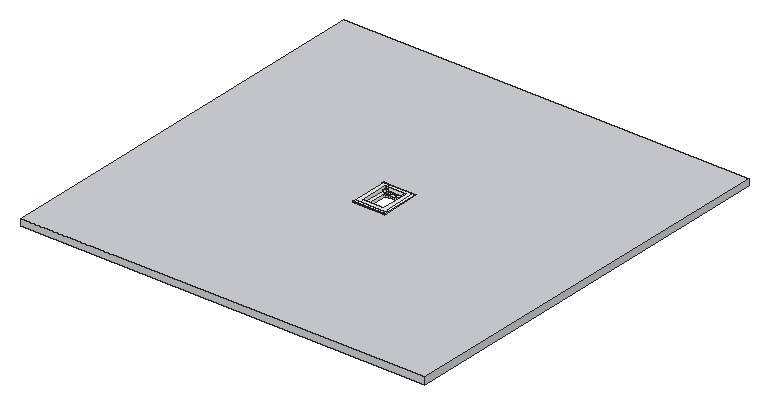
Revit family
Parameters (values of type "818TCAL")
  SmartBIM Object Version = 3  # constant formula
  SmartBIM Object Created By = "Reed Construction Data"  # constant formula
  Model = "818TCAL"  # constant formula
  Box = Aluminum Brushed
  Manufacturer = "Wiremold"  # constant formula
  Description = ""
  Default Elevation = 4' - 0"
  Assembly Code = "D5020100"
  95 CSI = "16130"  # constant formula
  04 CSI = "26 05 33"  # constant formula
Reference planes (in)
  plane 1 "Center (Front/Back)": y = 0
  plane 2: z = 0
  plane 3 "Center (Left/Right)": x = 0
Forms (in)
  Extrusion 1, solid
    sketch origin (0, 0, 0) x (1, 0, 0) y (0, 1, 0)
      loop
        line (-30, 30) -> (-30, -30) -> (30, -30) -> (30, 30) -> (-30, 30)
    from 0 to -1
  Sweep 2, solid, material "Aluminum Brushed" <- "Box"
    path origin (2.06, 0, 0) x (1, 0, 0) y (0, 1, 0)
      loop
        line (-4.435, 2.89) -> (-4.435, -2.89) -> (0.315, -2.89) -> (0.315, 2.89) -> (-4.435, 2.89)
    profile origin (0, 2.89, 0) x (0, 1, 0) y (0, 0, 1)
      loop
        line (0, 0.078) -> (-0.25, 0.203) -> (-0.25, 0) -> (0, 0) -> (0, 0.078)
  Extrusion 3, solid, material "Aluminum Brushed" <- "Box"
    sketch origin (2.06, 0, 0) x (1, 0, 0) y (0, 1, 0)
      loop
        line (-4.185, -2.64) -> (0.061, -2.64) -> (0.061, 2.64) -> (-4.185, 2.64) -> (-4.185, -2.64)
      loop
        arc (-0.459, 2.038) -> (-0.48185, 2.09315) -> (-0.537, 2.116) r 0.078
        line (-0.537, 2.116) -> (-3.587, 2.116)
        arc (-3.587, 2.116) -> (-3.64215, 2.09315) -> (-3.665, 2.038) r 0.078
        line (-3.665, 2.038) -> (-3.665, -2.038)
        arc (-3.665, -2.038) -> (-3.64215, -2.09315) -> (-3.587, -2.116) r 0.078
        line (-3.587, -2.116) -> (-0.537, -2.116)
        arc (-0.537, -2.116) -> (-0.48185, -2.09315) -> (-0.459, -2.038) r 0.078
        line (-0.459, -2.038) -> (-0.459, 2.038)
    from 0 to 0.203
  Extrusion 4, solid, material "Aluminum Brushed" <- "Box"
    sketch origin (2.06, 0, 0) x (1, 0, 0) y (0, 1, 0)
      loop
        arc (-3.665, -2.038) -> (-3.64215, -2.09315) -> (-3.587, -2.116) r 0.078
        line (-3.587, -2.116) -> (-0.537, -2.116)
        arc (-0.537, -2.116) -> (-0.48185, -2.09315) -> (-0.459, -2.038) r 0.078
        line (-0.459, -2.038) -> (-0.459, 2.038)
        arc (-0.459, 2.038) -> (-0.48185, 2.09315) -> (-0.537, 2.116) r 0.078
        line (-0.537, 2.116) -> (-3.587, 2.116)
        arc (-3.587, 2.116) -> (-3.64215, 2.09315) -> (-3.665, 2.038) r 0.078
        line (-3.665, 2.038) -> (-3.665, -2.038)
      loop
        line (-2.4685, -1.966) -> (-1.655, -1.966)
        arc (-1.655, -1.966) -> (-1.61116, -1.94784) -> (-1.593, -1.904) r 0.062
        line (-1.593, -1.904) -> (-1.593, -1.48) -> (-1.562, -1.48) -> (-1.156, -1.48)
        arc (-1.156, -1.48) -> (-1.06761, -1.44339) -> (-1.031, -1.355) r 0.125
        line (-1.031, -1.355) -> (-1.031, 1.355)
        arc (-1.031, 1.355) -> (-1.06761, 1.44339) -> (-1.156, 1.48) r 0.125
        line (-1.156, 1.48) -> (-1.562, 1.48) -> (-1.593, 1.48) -> (-1.593, 1.904)
        arc (-1.593, 1.904) -> (-1.61116, 1.94784) -> (-1.655, 1.966) r 0.062
        line (-1.655, 1.966) -> (-2.4685, 1.966)
        arc (-2.4685, 1.966) -> (-2.51269, 1.94769) -> (-2.531, 1.9035) r 0.0625
        line (-2.531, 1.9035) -> (-2.531, 1.48) -> (-2.562, 1.48) -> (-2.968, 1.48)
        arc (-2.968, 1.48) -> (-3.05639, 1.44339) -> (-3.093, 1.355) r 0.125
        line (-3.093, 1.355) -> (-3.093, -1.355)
        arc (-3.093, -1.355) -> (-3.05639, -1.44339) -> (-2.968, -1.48) r 0.125
        line (-2.968, -1.48) -> (-2.562, -1.48) -> (-2.531, -1.48) -> (-2.531, -1.9035)
        arc (-2.531, -1.9035) -> (-2.51269, -1.94769) -> (-2.4685, -1.966) r 0.0625
      loop
        arc (-3.01245, 1.91315) -> (-2.74067, 1.64164) -> (-2.77858, 2.02392) r 0.204
        arc (-2.77858, 2.02392) -> (-2.828, 2.03) -> (-2.87742, 2.02392) r 0.204
        arc (-2.87742, 2.02392) -> (-2.95739, 1.98372) -> (-3.01245, 1.91315) r 0.204
      loop
        circle (-2.828, -1.826) r 0.204
    from -0.672 to -0.27953
  Extrusion 5, solid, material "Aluminum Brushed" <- "Box"
    sketch origin (2.06, 0, 0) x (1, 0, 0) y (0, 1, 0)
      loop
        arc (-3.665, -2.038) -> (-3.64215, -2.09315) -> (-3.587, -2.116) r 0.078
        line (-3.587, -2.116) -> (-0.537, -2.116)
        arc (-0.537, -2.116) -> (-0.48185, -2.09315) -> (-0.459, -2.038) r 0.078
        line (-0.459, -2.038) -> (-0.459, 2.038)
        arc (-0.459, 2.038) -> (-0.48185, 2.09315) -> (-0.537, 2.116) r 0.078
        line (-0.537, 2.116) -> (-3.587, 2.116)
        arc (-3.587, 2.116) -> (-3.64215, 2.09315) -> (-3.665, 2.038) r 0.078
        line (-3.665, 2.038) -> (-3.665, -2.038)
      loop
        arc (-3.79, -2.038) -> (-3.73054, -2.18154) -> (-3.587, -2.241) r 0.203
        line (-3.587, -2.241) -> (-0.537, -2.241)
        arc (-0.537, -2.241) -> (-0.39346, -2.18154) -> (-0.334, -2.038) r 0.203
        line (-0.334, -2.038) -> (-0.334, 2.038)
        arc (-0.334, 2.038) -> (-0.39346, 2.18154) -> (-0.537, 2.241) r 0.203
        line (-0.537, 2.241) -> (-3.587, 2.241)
        arc (-3.587, 2.241) -> (-3.73054, 2.18154) -> (-3.79, 2.038) r 0.203
        line (-3.79, 2.038) -> (-3.79, -2.038)
    from -0.672 to 0
  Extrusion 6, solid, material "Aluminum Brushed" <- "Box"
    sketch origin (2.06, 0, 0) x (1, 0, 0) y (0, 1, 0)
      loop
        arc (-2.67962, 1.966) -> (-2.72495, 2.00206) -> (-2.77858, 2.02392) r 0.204
        arc (-2.77858, 2.02392) -> (-2.828, 2.03) -> (-2.87742, 2.02392) r 0.204
        arc (-2.87742, 2.02392) -> (-3.03048, 1.8011) -> (-2.828, 1.622) r 0.204
        line (-2.828, 1.622) -> (-2.562, 1.622)
        arc (-2.562, 1.622) -> (-2.54008, 1.61292) -> (-2.531, 1.591) r 0.031
        line (-2.531, 1.591) -> (-2.531, 1.48) -> (-2.5, 1.48) -> (-1.624, 1.48) -> (-1.593, 1.48) -> (-1.593, 1.904)
        arc (-1.593, 1.904) -> (-1.61116, 1.94784) -> (-1.655, 1.966) r 0.062
        line (-1.655, 1.966) -> (-2.67962, 1.966)
      loop
        line (-2.67962, -1.966) -> (-1.655, -1.966)
        arc (-1.655, -1.966) -> (-1.61116, -1.94784) -> (-1.593, -1.904) r 0.062
        line (-1.593, -1.904) -> (-1.593, -1.48) -> (-1.624, -1.48) -> (-2.5, -1.48) -> (-2.531, -1.48) -> (-2.531, -1.591)
        arc (-2.531, -1.591) -> (-2.54008, -1.61292) -> (-2.562, -1.622) r 0.031
        line (-2.562, -1.622) -> (-2.828, -1.622)
        arc (-2.828, -1.622) -> (-3.03048, -1.8011) -> (-2.87742, -2.02392) r 0.204
        arc (-2.87742, -2.02392) -> (-2.828, -2.03) -> (-2.77858, -2.02392) r 0.204
        arc (-2.77858, -2.02392) -> (-2.72495, -2.00206) -> (-2.67962, -1.966) r 0.204
    from -0.672 to -0.41705
  Extrusion 7, solid, material "Aluminum Brushed" <- "Box"
    sketch origin (0, 0, 0) x (1, 0, 0) y (0, 1, 0)
      loop
        arc (-1.605, 1.607) -> (-1.59592, 1.62892) -> (-1.574, 1.638) r 0.031
        line (-1.574, 1.638) -> (-1.347, 1.638)
        arc (-1.347, 1.638) -> (-1.21406, 1.69306) -> (-1.159, 1.826) r 0.188
        line (-1.159, 1.826) -> (-1.159, 2.085)
        arc (-1.159, 2.085) -> (-1.14992, 2.10692) -> (-1.128, 2.116) r 0.031
        line (-1.128, 2.116) -> (-1.527, 2.116)
        arc (-1.527, 2.116) -> (-1.58215, 2.09315) -> (-1.605, 2.038) r 0.078
        line (-1.605, 2.038) -> (-1.605, 1.607)
      loop
        line (1.601, 1.607) -> (1.601, 2.038)
        arc (1.601, 2.038) -> (1.57815, 2.09315) -> (1.523, 2.116) r 0.078
        line (1.523, 2.116) -> (1.124, 2.116)
        arc (1.124, 2.116) -> (1.14592, 2.10692) -> (1.155, 2.085) r 0.031
        line (1.155, 2.085) -> (1.155, 1.826)
        arc (1.155, 1.826) -> (1.21006, 1.69306) -> (1.343, 1.638) r 0.188
        line (1.343, 1.638) -> (1.57, 1.638)
        arc (1.57, 1.638) -> (1.59192, 1.62892) -> (1.601, 1.607) r 0.031
      loop
        line (-1.605, -1.607) -> (-1.605, -2.038)
        arc (-1.605, -2.038) -> (-1.58215, -2.09315) -> (-1.527, -2.116) r 0.078
        line (-1.527, -2.116) -> (-1.128, -2.116)
        arc (-1.128, -2.116) -> (-1.14992, -2.10692) -> (-1.159, -2.085) r 0.031
        line (-1.159, -2.085) -> (-1.159, -1.826)
        arc (-1.159, -1.826) -> (-1.21406, -1.69306) -> (-1.347, -1.638) r 0.188
        line (-1.347, -1.638) -> (-1.574, -1.638)
        arc (-1.574, -1.638) -> (-1.59592, -1.62892) -> (-1.605, -1.607) r 0.031
      loop
        arc (1.601, -1.607) -> (1.59192, -1.62892) -> (1.57, -1.638) r 0.031
        line (1.57, -1.638) -> (1.343, -1.638)
        arc (1.343, -1.638) -> (1.21006, -1.69306) -> (1.155, -1.826) r 0.188
        line (1.155, -1.826) -> (1.155, -2.085)
        arc (1.155, -2.085) -> (1.14592, -2.10692) -> (1.124, -2.116) r 0.031
        line (1.124, -2.116) -> (1.523, -2.116)
        arc (1.523, -2.116) -> (1.57815, -2.09315) -> (1.601, -2.038) r 0.078
        line (1.601, -2.038) -> (1.601, -1.607)
    from -0.27953 to -0.078
  Extrusion 8, void
    sketch origin (0, 0, 0) x (1, 0, 0) y (0, 1, 0)
      loop
        line (-2.375, 2.89) -> (-2.375, -2.89) -> (2.375, -2.89) -> (2.375, 2.89) -> (-2.375, 2.89)
    from -0.99534 to 0.203
Cuts and joins
  joined: Sweep 2, Extrusion 3, Extrusion 4, Extrusion 5, Extrusion 6
Dimensions and locks (in)
  aligned and locked: plane 2 to Extrusion 1
  aligned and locked: level to Extrusion 1
  aligned and locked: Extrusion 8 sketch curve to cut or joined group of Sweep 2, Extrusion 3, Extrusion 4, Extrusion 5, Extrusion 6  (x2)
